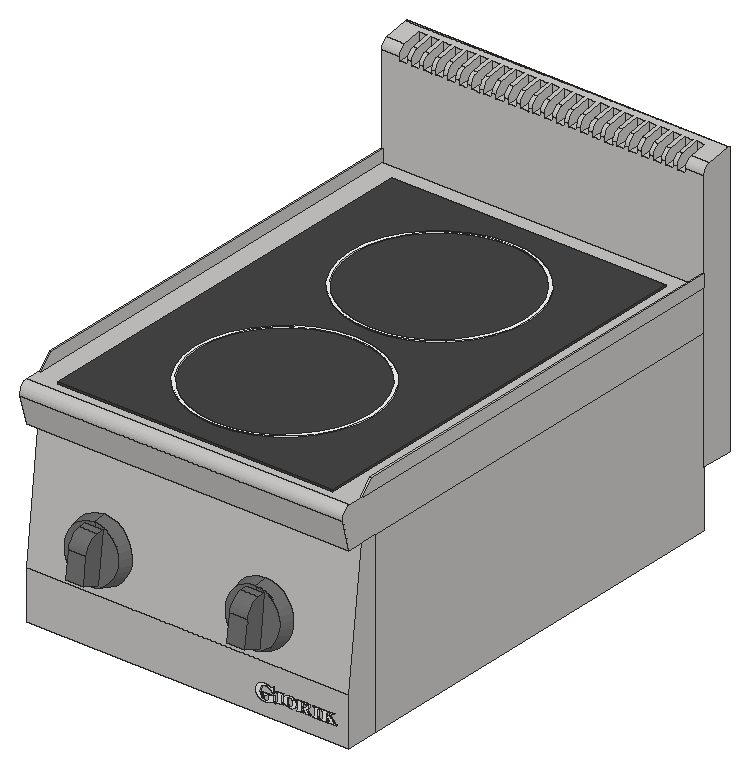
Revit family "QF_GIORIK_LPV4721", category Specialty Equipment, Revit 2014
Parameters (values of type "LPV4721")
  Weight in Pounds = 33.0693
  Watts = 4300 W
  Volts = 230 V
  URL Cutsheet = "www.giorik.com"
  URL = "www.giorik.com"
  Status [instance] = ""
  Specification by User [instance] = ""
  Specification by Manufacturer = ""
  Show Logo [instance] = yes
  Show Clearance [instance] = yes
  Serial Number = ""
  Seismic Rating = ""
  SMACNA No = ""
  Revision Code [instance] = ""
  Phase = 1
  Number of Poles [instance] = 1
  NAFEM Spec ID Number = ""
  Model = "LPV4721"
  Min Ckt Ampacity = 0 A
  Max Overcurrent Protection = 0 A
  Masterspec = ""
  Manufacturer = "GIORIK"
  Item Number [instance] = ""
  Installed By [instance] = ""
  Identify Quantity as Lot [instance] = no
  HP = "5.766386000000"
  Furnished By [instance] = ""
  Foodservice Equipment Identifier [instance] = yes
  FL Amps = 0 A
  Electrical Remarks [instance] = ""
  Electric Connection Type [instance] = ""
  Elec Conn RI Height [instance] = 0 mm
  Elec Conn Connection Height [instance] = 45 mm
  Description = "VITROCERAMIC COOKING TOP 2 PLATES (220V)"
  Cycle = 50 Hz
  Conn Plug = ""
  CSI MasterFormat = ""
  Assembly Code = "E1090320"
  Apparent Power = 4300 VA
Reference planes
  plane 1 "Back": y = 0
  plane 2: z = 0
  plane 3 "Left": x = 0
  plane 4 "Right": x = 400
  plane 5 "Front": y = -600
  plane 6 "Top": z = 430
Forms (mm)
  Extrusion 1, solid
    sketch origin (0, 1000, -580) x (0, 1, 0) y (0, 0, 1)
      loop
        line (-1040.007, 869.975) -> (-1589.445, 869.975)
        arc (-1589.445, 869.975) -> (-1598.171, 865.672) -> (-1600.069, 856.13) r 10.999
        line (-1600.069, 856.13) -> (-1590.388, 820) -> (-1040.007, 820) -> (-1040.007, 869.975)
    from 0 to 400
  Extrusion 2, solid
    sketch origin (0, 0, -560) x (0, 1, 0) y (0, 0, 1)
      loop
        line (-570.06, 849.975) -> (-40.007, 849.975) -> (-40.007, 865.387) -> (-554.648, 865.387) -> (-570.06, 849.975)
    from 0 to 1.85
  Extrusion 3, solid
    sketch origin (0, 0, -560) x (0, 1, 0) y (0, 0, 1)
      loop
        line (-40.007, 800) -> (-550, 800) -> (-550, 580) -> (-40.007, 580) -> (-40.007, 800)
    from 0 to 400
  Extrusion 4, solid
    sketch origin (0, 0, -560) x (0, 1, 0) y (0, 0, 1)
      loop
        line (-550, 800) -> (-570.5, 800) -> (-590, 640) -> (-590, 580) -> (-550, 580) -> (-550, 800)
    from 0 to 400
  Revolve 5, solid
    sketch origin (100.155, -0.544, -560.03) x (0, 1, 0) y (0, 0, 1)
      loop
        line (-598.03, 706.389) -> (-594.27, 737.013) -> (-609.648, 734.852) -> (-613.772, 701.269) -> (-581.482, 697.305) -> (-580.629, 704.252) -> (-598.03, 706.389)
      axis (-581.482, 697.305) -> (-613.772, 701.269)
    angle from 0 to 360
  Extrusion 6, solid
    sketch origin (398.094, 0, -560) x (0, 1, 0) y (0, 0, 1)
      loop
        line (-570.06, 849.975) -> (-40.007, 849.975) -> (-40.007, 865.387) -> (-554.648, 865.387) -> (-570.06, 849.975)
    from -0.15 to 1.906
  Extrusion 7, solid
    sketch origin (0, 0, -560) x (0, 1, 0) y (0, 0, 1)
      loop
        line (-40.007, 974.217) -> (-40.007, 650.827) -> (0, 650.827) -> (0, 988.42)
        arc (0, 988.42) -> (-0.57, 989.648) -> (-1.878, 990) r 1.6
        line (-1.878, 990) -> (-31.072, 984.852)
        arc (-31.072, 984.852) -> (-37.477, 981.162) -> (-40.007, 974.217) r 10.797
    from 0 to 400
  Extrusion 8, solid
    sketch origin (-62.831, -0.544, -560.03) x (0, 1, 0) y (0, 0, 1)
      loop
        line (-635.843, 711.553) -> (-639.647, 680.575) -> (-617.415, 671.593) -> (-610.135, 730.882) -> (-617.934, 729.786)
        arc (-617.934, 729.786) -> (-629.982, 723.708) -> (-635.843, 711.553) r 20.998
    from 151.831 to 173.831
  Revolve 9, solid
    sketch origin (300.155, -0.544, -560.03) x (0, 1, 0) y (0, 0, 1)
      loop
        line (-598.03, 706.389) -> (-594.27, 737.013) -> (-609.648, 734.852) -> (-613.772, 701.269) -> (-581.482, 697.305) -> (-580.629, 704.252) -> (-598.03, 706.389)
      axis (-581.482, 697.305) -> (-613.772, 701.269)
    angle from 0 to 360
  Extrusion 10, solid
    sketch origin (137.169, -0.544, -560.03) x (0, 1, 0) y (0, 0, 1)
      loop
        line (-635.843, 711.553) -> (-639.647, 680.575) -> (-617.415, 671.593) -> (-610.135, 730.882) -> (-617.934, 729.786)
        arc (-617.934, 729.786) -> (-629.982, 723.708) -> (-635.843, 711.553) r 20.998
    from 151.831 to 173.831
  Extrusion 11, solid
    sketch origin (368.319, 0, -561) x (1, 0, 0) y (0, 0, 1)
      loop
        circle (-38.319, 606) r 12.5
    from 20.007 to 40.007
  Extrusion 12, solid, visible <- "Show Logo"
    sketch origin (191.604, -590.5, -6.113) x (-1, 0, 0) y (0, 0, 1)
      loop
        line (-118.824, 58.358) -> (-127.804, 58.358) -> (-125.523, 56.445) -> (-125.523, 48.027) -> (-127.804, 46.113) -> (-118.824, 46.113) -> (-121.105, 48.027) -> (-121.105, 56.445) -> (-118.824, 58.358)
      loop
        line (-163.721, 58.358) -> (-172.7, 58.358) -> (-170.42, 56.445) -> (-170.42, 48.027) -> (-172.7, 46.113) -> (-163.721, 46.113) -> (-166.001, 48.027) -> (-166.001, 56.445) -> (-163.721, 58.358)
      loop
        line (-174.332, 58.358) -> (-183.312, 58.358) -> (-181.031, 56.445) -> (-181.031, 52.435) -> (-186.419, 56.955) -> (-184.416, 58.358) -> (-191.268, 58.358) -> (-188.01, 56.839) -> (-185.455, 54.283) -> (-190.846, 47.858) -> (-193.396, 46.93) -> (-193.396, 46.113) -> (-184.416, 46.113) -> (-185.437, 47.571) -> (-182.443, 51.552) -> (-181.031, 50.894) -> (-181.031, 48.027) -> (-183.312, 46.113) -> (-174.332, 46.113) -> (-176.613, 48.027) -> (-176.613, 56.445) -> (-174.332, 58.358)
      loop
        line (-115.429, 62.063) -> (-115.429, 54.198)
        arc (-115.429, 54.198) -> (-111.618, 57.803) -> (-106.847, 59.986) r 16.039
        arc (-106.847, 59.986) -> (-103.314, 59.837) -> (-100.512, 57.68) r 5.851
        arc (-100.512, 57.68) -> (-98.815, 52.267) -> (-100.512, 46.853) r 9.479
        arc (-100.512, 46.853) -> (-102.406, 44.986) -> (-104.846, 43.93) r 7.236
        arc (-104.846, 43.93) -> (-107.728, 44.111) -> (-110.052, 45.825) r 5.11
        line (-110.052, 45.825) -> (-110.052, 52.001) -> (-116.141, 52.001) -> (-116.141, 45.503) -> (-117.893, 43.751) -> (-114.094, 44.769)
        arc (-114.094, 44.769) -> (-112.56, 44.947) -> (-111.129, 44.366) r 3.115
        arc (-111.129, 44.366) -> (-104.216, 42.091) -> (-97.303, 44.366) r 11.641
        arc (-97.303, 44.366) -> (-93.396, 52.107) -> (-97.303, 59.849) r 9.622
        arc (-97.303, 59.849) -> (-104.369, 62.174) -> (-111.435, 59.849) r 11.898
        line (-111.435, 59.849) -> (-115.429, 62.063)
      loop
        arc (-129.234, 56.068) -> (-135.893, 58.628) -> (-142.552, 56.068) r 9.941
        arc (-142.552, 56.068) -> (-144.234, 52.286) -> (-142.552, 48.505) r 5.093
        arc (-142.552, 48.505) -> (-135.893, 45.945) -> (-129.234, 48.505) r 9.941
        arc (-129.234, 48.505) -> (-127.552, 52.286) -> (-129.234, 56.068) r 5.093
      loop
        arc (-132.628, 54.403) -> (-135.893, 57.668) -> (-139.158, 54.403) r 3.265
        line (-139.158, 54.403) -> (-139.158, 50.169)
        arc (-139.158, 50.169) -> (-135.893, 46.904) -> (-132.628, 50.169) r 3.265
        line (-132.628, 50.169) -> (-132.628, 54.403)
      loop
        arc (-156.363, 58.365) -> (-159.647, 55.081) -> (-156.363, 51.796) r 3.285
        line (-156.363, 51.796) -> (-159.529, 47.306) -> (-162.087, 46.113) -> (-155.847, 46.113) -> (-153.529, 51.083) -> (-150.637, 51.083) -> (-150.637, 47.784) -> (-153.022, 46.113) -> (-144.011, 46.113) -> (-146.094, 47.68) -> (-146.094, 56.493) -> (-144.229, 58.365) -> (-156.363, 58.365)
      loop
        line (-150.637, 57.512) -> (-153.637, 57.512)
        arc (-153.637, 57.512) -> (-156.237, 54.912) -> (-153.637, 52.312) r 2.6
        line (-153.637, 52.312) -> (-150.637, 52.312) -> (-150.637, 57.512)
      loop
        line (-108.924, 52.001) -> (-104.936, 49.005) -> (-100.948, 52.001) -> (-108.924, 52.001)
    from 1.5 to -0.5
  Extrusion 13, void
    sketch origin (7.5, 0, 430) x (0, 1, 0) y (-1, 0, 0)
      loop
        line (-40.007, -25) -> (-9.931, -25) -> (-9.931, -15) -> (-40.007, -15) -> (-40.007, -25)
      loop
        line (-40.007, -40) -> (-9.931, -40) -> (-9.931, -30) -> (-40.007, -30) -> (-40.007, -40)
      loop
        line (-40.007, -55) -> (-9.931, -55) -> (-9.931, -45) -> (-40.007, -45) -> (-40.007, -55)
      loop
        line (-40.007, -70) -> (-9.931, -70) -> (-9.931, -60) -> (-40.007, -60) -> (-40.007, -70)
      loop
        line (-40.007, -85) -> (-9.931, -85) -> (-9.931, -75) -> (-40.007, -75) -> (-40.007, -85)
      loop
        line (-40.007, -100) -> (-9.931, -100) -> (-9.931, -90) -> (-40.007, -90) -> (-40.007, -100)
      loop
        line (-40.007, -115) -> (-9.931, -115) -> (-9.931, -105) -> (-40.007, -105) -> (-40.007, -115)
      loop
        line (-40.007, -130) -> (-9.931, -130) -> (-9.931, -120) -> (-40.007, -120) -> (-40.007, -130)
      loop
        line (-40.007, -145) -> (-9.931, -145) -> (-9.931, -135) -> (-40.007, -135) -> (-40.007, -145)
      loop
        line (-40.007, -160) -> (-9.931, -160) -> (-9.931, -150) -> (-40.007, -150) -> (-40.007, -160)
      loop
        line (-40.007, -175) -> (-9.931, -175) -> (-9.931, -165) -> (-40.007, -165) -> (-40.007, -175)
      loop
        line (-40.007, -190) -> (-9.931, -190) -> (-9.931, -180) -> (-40.007, -180) -> (-40.007, -190)
      loop
        line (-40.007, -205) -> (-9.931, -205) -> (-9.931, -195) -> (-40.007, -195) -> (-40.007, -205)
      loop
        line (-40.007, -220) -> (-9.931, -220) -> (-9.931, -210) -> (-40.007, -210) -> (-40.007, -220)
      loop
        line (-40.007, -235) -> (-9.931, -235) -> (-9.931, -225) -> (-40.007, -225) -> (-40.007, -235)
      loop
        line (-40.007, -250) -> (-9.931, -250) -> (-9.931, -240) -> (-40.007, -240) -> (-40.007, -250)
      loop
        line (-40.007, -265) -> (-9.931, -265) -> (-9.931, -255) -> (-40.007, -255) -> (-40.007, -265)
      loop
        line (-40.007, -280) -> (-9.931, -280) -> (-9.931, -270) -> (-40.007, -270) -> (-40.007, -280)
      loop
        line (-40.007, -295) -> (-9.931, -295) -> (-9.931, -285) -> (-40.007, -285) -> (-40.007, -295)
      loop
        line (-40.007, -310) -> (-9.931, -310) -> (-9.931, -300) -> (-40.007, -300) -> (-40.007, -310)
      loop
        line (-40.007, -325) -> (-9.931, -325) -> (-9.931, -315) -> (-40.007, -315) -> (-40.007, -325)
      loop
        line (-40.007, -340) -> (-9.931, -340) -> (-9.931, -330) -> (-40.007, -330) -> (-40.007, -340)
      loop
        line (-40.007, -355) -> (-9.931, -355) -> (-9.931, -345) -> (-40.007, -345) -> (-40.007, -355)
      loop
        line (-40.007, -370) -> (-9.931, -370) -> (-9.931, -360) -> (-40.007, -360) -> (-40.007, -370)
    from 0 to -20
  Extrusion 14, solid
    sketch origin (566.603, 15.293, -30) x (0, 1, 0) y (-1, 0, 0)
      loop
        circle (-79.293, 516.603) r 5
    from 41.965 to 50
  Revolve 15, solid
    sketch origin (50, 19.943, -600) x (0, 1, 0) y (0, 0, 1)
      loop
        line (-83.943, 611.965) -> (-94.752, 611.965) -> (-97.943, 600) -> (-83.943, 600) -> (-83.943, 611.965)
      axis (-83.943, 611.965) -> (-83.943, 600)
    angle from 0 to 360
  Extrusion 16, solid
    sketch origin (-166.603, 15.293, -30) x (0, 1, 0) y (-1, 0, 0)
      loop
        circle (-79.293, -516.603) r 5
    from 41.965 to 50
  Revolve 17, solid
    sketch origin (350, 19.943, -600) x (0, 1, 0) y (0, 0, -1)
      loop
        line (-83.943, -611.965) -> (-83.943, -600) -> (-97.943, -600) -> (-94.752, -611.965) -> (-83.943, -611.965)
      axis (-83.943, -611.965) -> (-83.943, -600)
    angle from 0 to 360
  Extrusion 18, solid
    sketch origin (566.603, -459.707, -30) x (0, 1, 0) y (-1, 0, 0)
      loop
        circle (-79.293, 516.603) r 5
    from 41.965 to 50
  Revolve 19, solid
    sketch origin (50, -455.057, -600) x (0, 1, 0) y (0, 0, 1)
      loop
        line (-83.943, 611.965) -> (-94.752, 611.965) -> (-97.943, 600) -> (-83.943, 600) -> (-83.943, 611.965)
      axis (-83.943, 611.965) -> (-83.943, 600)
    angle from 0 to 360
  Extrusion 20, solid
    sketch origin (-166.603, -459.707, -30) x (0, 1, 0) y (-1, 0, 0)
      loop
        circle (-79.293, -516.603) r 5
    from 41.965 to 50
  Revolve 21, solid
    sketch origin (350, -455.057, -600) x (0, 1, 0) y (0, 0, -1)
      loop
        line (-83.943, -611.965) -> (-83.943, -600) -> (-97.943, -600) -> (-94.752, -611.965) -> (-83.943, -611.965)
      axis (-83.943, -611.965) -> (-83.943, -600)
    angle from 0 to 360
  Extrusion 22, solid
    sketch origin (0.001, 27.497, 241.975) x (0, 1, 0) y (-1, 0, 0)
      loop
        line (-606, -30) -> (-606, -370) -> (-89, -370) -> (-89, -30) -> (-606, -30)
    from 48 to 50
  Extrusion 23, solid
    sketch origin (10.001, -671.503, 269.463) x (0, -1, 0) y (1, 0, 0)
      loop
        circle (-231.5, 189.999) r 110
      loop
        circle (-231.5, 189.999) r 106.5
    from 23 to 20.512
  Extrusion 24, solid
    sketch origin (10.001, -431.503, 269.463) x (0, -1, 0) y (1, 0, 0)
      loop
        circle (-231.5, 189.999) r 110
      loop
        circle (-231.5, 189.999) r 106.5
    from 23 to 20.512
Cuts and joins
  Extrusion 13 cuts Extrusion 7
Lines and regions (mm)
  symbolic lines, style "200-EquipBorder-2D"
    curve 1: line (400, 0, 0) -> (0, 0, 0)
    curve 2: line (0, 0, 0) -> (0, -600, 0)
    curve 80: line (400, -600, 430) -> (400, 0, 430)
    curve 89: line (400, -600, 0) -> (0, -600, 0)
    curve 90: spline (89, -618.202, 990) -> (85.789, -618.041, 990) -> (82.73, -617.841, 990) -> (79.856, -617.604, 990) -> (77.196, -617.332, 990) -> (74.779, -617.028, 990) -> (72.63, -616.696, 990) -> (70.772, -616.338, 990) -> (69.225, -615.96, 990) -> (68.004, -615.563, 990) -> (67.122, -615.154, 990) -> (66.59, -614.736, 990) -> (66.412, -614.313, 990)
    curve 91: spline (134.073, -614.408, 990) -> (133.819, -614.826, 990) -> (133.218, -615.239, 990) -> (132.275, -615.643, 990) -> (131.001, -616.033, 990) -> (129.408, -616.405, 990) -> (127.513, -616.755, 990) -> (125.336, -617.08, 990) -> (122.898, -617.376, 990) -> (120.227, -617.641, 990) -> (117.348, -617.871, 990) -> (114.293, -618.065, 990) -> (111.091, -618.219, 990)
    curve 92: line (66.412, -614.313, 990) -> (62.459, -600, 990)
    curve 93: line (134.073, -614.408, 990) -> (137.839, -600, 990)
    curve 94: line (89, -640.19, 430) -> (89, -610.679, 430)
    curve 95: line (89, -640.19, 430) -> (111, -640.19, 430)
    curve 96: line (111, -640.19, 430) -> (111, -610.679, 430)
    curve 97: spline (66.412, -614.313, 430) -> (67.564, -613.264, 430) -> (70.941, -612.286, 430) -> (76.314, -611.446, 430) -> (83.316, -610.802, 430) -> (91.47, -610.396, 430) -> (100.22, -610.258, 430) -> (108.97, -610.396, 430) -> (117.124, -610.802, 430) -> (124.126, -611.446, 430) -> (129.499, -612.286, 430) -> (132.877, -613.264, 430) -> (134.029, -614.313, 430)
    curve 98: line (89, -610.679, 430) -> (111, -610.679, 430)
    curve 99: spline (289, -618.202, 990) -> (285.789, -618.041, 990) -> (282.73, -617.841, 990) -> (279.856, -617.604, 990) -> (277.196, -617.332, 990) -> (274.779, -617.028, 990) -> (272.63, -616.696, 990) -> (270.772, -616.338, 990) -> (269.225, -615.96, 990) -> (268.004, -615.563, 990) -> (267.122, -615.154, 990) -> (266.59, -614.736, 990) -> (266.412, -614.313, 990)
    curve 100: spline (334.073, -614.408, 990) -> (333.819, -614.826, 990) -> (333.218, -615.239, 990) -> (332.275, -615.643, 990) -> (331.001, -616.033, 990) -> (329.408, -616.405, 990) -> (327.513, -616.755, 990) -> (325.336, -617.08, 990) -> (322.898, -617.376, 990) -> (320.227, -617.641, 990) -> (317.348, -617.871, 990) -> (314.293, -618.065, 990) -> (311.091, -618.219, 990)
    curve 101: line (266.412, -614.313, 990) -> (262.459, -600, 990)
    curve 102: line (334.073, -614.408, 990) -> (337.839, -600, 990)
    curve 103: line (289, -640.19, 430) -> (289, -610.679, 430)
    curve 104: line (289, -640.19, 430) -> (311, -640.19, 430)
    curve 105: line (311, -640.19, 430) -> (311, -610.679, 430)
    curve 106: spline (266.412, -614.313, 430) -> (267.564, -613.264, 430) -> (270.941, -612.286, 430) -> (276.314, -611.446, 430) -> (283.316, -610.802, 430) -> (291.47, -610.396, 430) -> (300.22, -610.258, 430) -> (308.97, -610.396, 430) -> (317.124, -610.802, 430) -> (324.126, -611.446, 430) -> (329.499, -612.286, 430) -> (332.877, -613.264, 430) -> (334.029, -614.313, 430)
    curve 107: line (289, -610.679, 430) -> (311, -610.679, 430)
  symbolic lines, style "200-EquipInternal-2D"
    curve 3: line (400, -40.007, 430) -> (0, -40.007, 430)
    curve 4: line (397.944, -570.06, 430) -> (400, -570.06, 430)
    curve 5: line (397.944, -40.007, 430) -> (397.944, -570.06, 430)
    curve 6: line (0, -570.06, 430) -> (1.85, -570.06, 430)
    curve 7: line (1.85, -570.06, 430) -> (1.85, -40.007, 430)
    curve 8: line (22.5, -9.931, 290) -> (22.5, -40.007, 290)
    curve 9: line (32.5, -40.007, 290) -> (32.5, -9.931, 290)
    curve 10: line (37.5, -9.931, 290) -> (37.5, -40.007, 290)
    curve 11: line (47.5, -40.007, 290) -> (47.5, -9.931, 290)
    curve 12: line (52.5, -9.931, 290) -> (52.5, -40.007, 290)
    curve 13: line (62.5, -40.007, 290) -> (62.5, -9.931, 290)
    curve 14: line (82.5, -9.931, 290) -> (82.5, -40.007, 290)
    curve 15: line (92.5, -40.007, 290) -> (92.5, -9.931, 290)
    curve 16: line (97.5, -9.931, 290) -> (97.5, -40.007, 290)
    curve 17: line (107.5, -40.007, 290) -> (107.5, -9.931, 290)
    curve 18: line (137.5, -40.007, 290) -> (137.5, -9.931, 290)
    curve 19: line (127.5, -9.931, 290) -> (127.5, -40.007, 290)
    curve 20: line (152.5, -40.007, 290) -> (152.5, -9.931, 290)
    curve 21: line (157.5, -9.931, 290) -> (157.5, -40.007, 290)
    curve 22: line (167.5, -40.007, 290) -> (167.5, -9.931, 290)
    curve 23: line (142.5, -9.931, 290) -> (142.5, -40.007, 290)
    curve 24: line (197.5, -40.007, 290) -> (197.5, -9.931, 290)
    curve 25: line (187.5, -9.931, 290) -> (187.5, -40.007, 290)
    curve 26: line (202.5, -9.931, 290) -> (202.5, -40.007, 290)
    curve 27: line (212.5, -40.007, 290) -> (212.5, -9.931, 290)
    curve 28: line (217.5, -9.931, 290) -> (217.5, -40.007, 290)
    curve 29: line (227.5, -40.007, 290) -> (227.5, -9.931, 290)
    curve 30: line (247.5, -9.931, 290) -> (247.5, -40.007, 290)
    curve 31: line (257.5, -40.007, 290) -> (257.5, -9.931, 290)
    curve 32: line (262.5, -9.931, 290) -> (262.5, -40.007, 290)
    curve 33: line (272.5, -40.007, 290) -> (272.5, -9.931, 290)
    curve 34: line (277.5, -9.931, 290) -> (277.5, -40.007, 290)
    curve 35: line (287.5, -40.007, 290) -> (287.5, -9.931, 290)
    curve 36: line (317.5, -40.007, 290) -> (317.5, -9.931, 290)
    curve 37: line (307.5, -9.931, 290) -> (307.5, -40.007, 290)
    curve 38: line (332.5, -40.007, 290) -> (332.5, -9.931, 290)
    curve 39: line (322.5, -9.931, 290) -> (322.5, -40.007, 290)
    curve 40: line (337.5, -9.931, 290) -> (337.5, -40.007, 290)
    curve 41: line (347.5, -40.007, 290) -> (347.5, -9.931, 290)
    curve 42: line (367.5, -9.931, 290) -> (367.5, -40.007, 290)
    curve 43: line (377.5, -40.007, 290) -> (377.5, -9.931, 290)
    curve 44: line (377.5, -9.931, 290) -> (367.5, -9.931, 290)
    curve 45: line (347.5, -9.931, 290) -> (337.5, -9.931, 290)
    curve 46: line (332.5, -9.931, 290) -> (322.5, -9.931, 290)
    curve 47: line (317.5, -9.931, 290) -> (307.5, -9.931, 290)
    curve 48: line (272.5, -9.931, 290) -> (262.5, -9.931, 290)
    curve 49: line (107.5, -9.931, 290) -> (97.5, -9.931, 290)
    curve 50: line (92.5, -9.931, 290) -> (82.5, -9.931, 290)
    curve 51: line (62.5, -9.931, 290) -> (52.5, -9.931, 290)
    curve 52: line (32.5, -9.931, 290) -> (22.5, -9.931, 290)
    curve 53: line (137.5, -9.931, 290) -> (127.5, -9.931, 290)
    curve 54: line (152.5, -9.931, 290) -> (142.5, -9.931, 290)
    curve 55: line (167.5, -9.931, 290) -> (157.5, -9.931, 290)
    curve 56: line (197.5, -9.931, 290) -> (187.5, -9.931, 290)
    curve 57: line (212.5, -9.931, 290) -> (202.5, -9.931, 290)
    curve 58: line (227.5, -9.931, 290) -> (217.5, -9.931, 290)
    curve 59: line (257.5, -9.931, 290) -> (247.5, -9.931, 290)
    curve 60: line (47.5, -9.931, 290) -> (37.5, -9.931, 290)
    curve 61: line (67.5, -9.931, 430) -> (67.5, -40.007, 430)
    curve 62: line (77.5, -40.007, 430) -> (77.5, -9.931, 430)
    curve 63: line (77.5, -9.931, 430) -> (67.5, -9.931, 430)
    curve 64: line (112.5, -9.931, 430) -> (112.5, -40.007, 430)
    curve 65: line (122.5, -40.007, 430) -> (122.5, -9.931, 430)
    curve 66: line (122.5, -9.931, 430) -> (112.5, -9.931, 430)
    curve 67: line (172.5, -9.931, 430) -> (172.5, -40.007, 430)
    curve 68: line (182.5, -40.007, 430) -> (182.5, -9.931, 430)
    curve 69: line (182.5, -9.931, 430) -> (172.5, -9.931, 430)
    curve 70: line (232.5, -9.931, 430) -> (232.5, -40.007, 430)
    curve 71: line (242.5, -40.007, 430) -> (242.5, -9.931, 430)
    curve 72: line (242.5, -9.931, 430) -> (232.5, -9.931, 430)
    curve 73: line (287.5, -9.931, 430) -> (277.5, -9.931, 430)
    curve 74: line (302.5, -9.931, 430) -> (292.5, -9.931, 430)
    curve 75: line (292.5, -9.931, 430) -> (292.5, -40.007, 430)
    curve 76: line (302.5, -40.007, 430) -> (302.5, -9.931, 430)
    curve 77: line (352.5, -9.931, 430) -> (352.5, -40.007, 430)
    curve 78: line (362.5, -40.007, 430) -> (362.5, -9.931, 430)
    curve 79: line (362.5, -9.931, 430) -> (352.5, -9.931, 430)
    curve 81: line (370.001, -61.503, 290) -> (30.001, -61.503, 290)
    curve 82: line (30.001, -61.503, 290) -> (30.001, -578.503, 290)
    curve 83: line (370.001, -578.503, 290) -> (370.001, -61.503, 290)
    curve 84: line (30.001, -578.503, 290) -> (370.001, -578.503, 290)
    curve 85: circle (200, -200.003, 290) r 106.5 normal (0, 0, 1)
    curve 86: circle (200, -200.003, 290) r 110 normal (0, 0, 1)
    curve 87: circle (200, -440.003, 290) r 106.5 normal (0, 0, 1)
    curve 88: circle (200, -440.003, 290) r 110 normal (0, 0, 1)
Dimensions and locks
  plane 3 "Left" to plane 4 "Right" = 400 mm
  plane 5 "Front" to plane 1 "Back" = 600 mm
  plane 4 "Right" to plane 3 "Left" = 400 mm
  plane 1 "Back" to plane 5 "Front" = 600 mm
  plane 6 "Top" to level = 430 mm  (x2)
  aligned and locked: level to plane 2
Connectors
  electrical at (330, -20.007, 45), driven by "Apparent Power", driven by "Volts", driven by "Number of Poles"
    settings: on Extrusion 11, index 1, voltage 230 V, apparent load 0 VA, apparent load phase1 4300 VA, apparent load phase2 0 VA, apparent load phase3 0 VA, power factor 1, load classification "Other", number of poles 1, system type 31, power factor state 1, is connector primary yes, connector utility no, sub classification motor no, connector description "Electrical connection"
